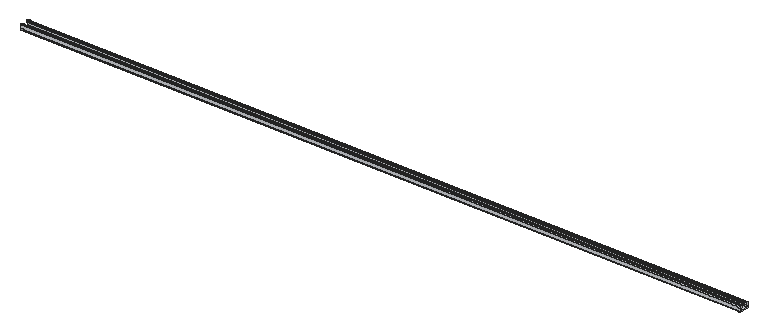
Revit family "P4100 HS", category Specialty Equipment, Revit 2012
Parameters (values of type "P4100 HS")
  ecoScorecard_data = ""
  ecoScorecard Product Page = ""
  Weight Per Foot = 0.87 lbf/ft
  Unit = none
  URL = "http://unistrut.us/index.php"
  Subcategory = "1 5/8\" Channels"
  Product Page URL = "http://unistrut.us/index.php?WP=cat_detail&S=S05&P=P4100hs"
  Part Type = "Channel"  # constant formula
  Part Number = ""
  Overall Width = 1 5/8"  # constant formula
  Overall Height = 13/16"
  Model = "P4100 HS"  # constant formula
  Material = "Multiple Options - See Catalog"
  Manufacturer Toll Free Phone = "800-882-5543"  # constant formula
  Manufacturer Phone = "708-339-1610"  # constant formula
  Manufacturer Fax = "708-339-7814"  # constant formula
  Manufacturer Email = "mailto:jshaw@atkore.com"
  Manufacturer Address = "16100 South Lathrop Avenue, Harvey, IL 60426"  # constant formula
  Manufacturer = "Unistrut by Atkore International"  # constant formula
  Load Capacity Note = "Visit the product page for load application and capacity."  # constant formula
  Literature URL = "http://unistrut.us/index.php?WP=LItLibrary"
  Length [instance] = 120"
  Knockouts Spacing On Center = 1 7/8"
  Knockouts Spacing From End = 15/16"
  Hole Radius = Hole Diameter / 2  # 9/32"
  Hole Diameter = 9/16"  # constant formula
  Gauge Thickness = "14 Gauge (.075”)"  # constant formula
  Description = "P4100 HS Channel"  # constant formula
  Cost Info = "mailto:questions@atkore.com"
  Construction Note = "9⁄16\" Dia. Holes @ 1 7⁄8\" on Center"
  CSI MasterSpec = "http://www.unistrut.us/a_files/TechRef/Unistrut_CSI_05430.pdf"
  CAD URL = "http://unistrut.us/index.php?WP=CAD3d"
  Assembly Code = "D5020100"
  95 CSI = "16070"  # constant formula
  04 CSI = "26 05 48"  # constant formula
Reference planes (in)
  plane 1 "Center (Front/Back)": y = 0
  plane 2: z = 0
  plane 3 "Center (Left/Right)": x = 0
  plane 4: y = 0.8125
  plane 5: y = -0.8125
  plane 6: z = 0.8125
  plane 7: x = -60
  plane 8: x = 60
  plane 9: z = 0.8125
Dimensions and locks (in)
  "Overall Width": plane 4 to plane 5
  equal spacing: plane 4, plane 1 "Center (Front/Back)", plane 5
  "Overall Height": plane 6 to level
  "Length": plane 7 to plane 8
  equal spacing: plane 7, plane 3 "Center (Left/Right)", plane 8
  aligned and locked: level to plane 2
  aligned and locked: plane 1 "Center (Front/Back)" to nested 1
  aligned and locked: plane 3 "Center (Left/Right)" to nested 1
Nested families (in)
  nested 1: "P4100HS" at (0, 0, 0), type "P4100HS"
Definition of nested family "P4100HS"
  Parameters (values of type "P4100HS")
    Width = 1 5/8"
    Unit = none
    Length = 120"
    Knockouts Spacing On Center = 1 7/8"
    Knockouts Spacing From End = 15/16"
    Hole Radius = 9/32"
    Height = 13/16"
    # Of Array = (Length - Knockouts Spacing From End * 2) / Knockouts Spacing On Center  # 63
  Reference planes (in)
    plane 1 "Center (Front/Back)": y = 0
    plane 2: z = 0
    plane 3 "Center (Left/Right)": x = 0
    plane 4: z = 0.8125
    plane 5: x = -60
    plane 6: x = 60
    plane 7: y = 0.8125
    plane 8: y = -0.8125
    plane 9: x = -59.0625
    plane 10: x = -57.1875
    plane 11: z = 0.40625
    plane 12: x = 59.0625
    plane 13: z = 0.105
  Forms (in)
    Sweep 1, solid, material <- "Unit", detail levels fine
      path origin (0, 0, 0) x (1, 0, 0) y (0, 1, 0)
        loop
          line (-60, 0) -> (60, 0)
      profile origin (0, 0, 0) x (0, 1, 0) y (0, 0, 1)
        loop
          arc (0.5375, 0.812) -> (0.46679, 0.78271) -> (0.4375, 0.712) r 0.1
          line (0.4375, 0.712) -> (0.4375, 0.552) -> (0.5125, 0.552) -> (0.5125, 0.712)
          arc (0.5125, 0.712) -> (0.51982, 0.72968) -> (0.5375, 0.737) r 0.025
          line (0.5375, 0.737) -> (0.6565, 0.737)
          arc (0.6565, 0.737) -> (0.71378, 0.71328) -> (0.7375, 0.656) r 0.081
          line (0.7375, 0.656) -> (0.7375, 0.10625)
          arc (0.7375, 0.10625) -> (0.72835, 0.08415) -> (0.70625, 0.075) r 0.03125
          line (0.70625, 0.075) -> (-0.70625, 0.075)
          arc (-0.70625, 0.075) -> (-0.72835, 0.08415) -> (-0.7375, 0.10625) r 0.03125
          line (-0.7375, 0.10625) -> (-0.7375, 0.656)
          arc (-0.7375, 0.656) -> (-0.71378, 0.71328) -> (-0.6565, 0.737) r 0.081
          line (-0.6565, 0.737) -> (-0.5375, 0.737)
          arc (-0.5375, 0.737) -> (-0.51982, 0.72968) -> (-0.5125, 0.712) r 0.025
          line (-0.5125, 0.712) -> (-0.5125, 0.552) -> (-0.4375, 0.552) -> (-0.4375, 0.712)
          arc (-0.4375, 0.712) -> (-0.46679, 0.78271) -> (-0.5375, 0.812) r 0.1
          line (-0.5375, 0.812) -> (-0.6565, 0.812)
          arc (-0.6565, 0.812) -> (-0.76681, 0.76631) -> (-0.8125, 0.656) r 0.156
          line (-0.8125, 0.656) -> (-0.8125, 0.10625)
          arc (-0.8125, 0.10625) -> (-0.78138, 0.03112) -> (-0.70625, 0) r 0.10625
          line (-0.70625, 0) -> (0.70625, 0)
          arc (0.70625, 0) -> (0.78138, 0.03112) -> (0.8125, 0.10625) r 0.10625
          line (0.8125, 0.10625) -> (0.8125, 0.656)
          arc (0.8125, 0.656) -> (0.76681, 0.76631) -> (0.6565, 0.812) r 0.156
          line (0.6565, 0.812) -> (0.5375, 0.812)
    Extrusion 2, void
      sketch origin (-48, 0, 0) x (1, 0, 0) y (0, 1, 0)
        loop
          circle (-9.1875, 0) r 0.2815
      from 0 to 0.105
    Extrusion 3, void
      sketch origin (-49.875, 0, 0) x (1, 0, 0) y (0, 1, 0)
        loop
          circle (-9.1875, 0) r 0.2815
      from 0 to 0.105
    Extrusion 4, void
      sketch origin (-46.125, 0, 0) x (1, 0, 0) y (0, 1, 0)
        loop
          circle (-9.1875, 0) r 0.2815
      from 0 to 0.105
    Extrusion 5, void
      sketch origin (-44.25, 0, 0) x (1, 0, 0) y (0, 1, 0)
        loop
          circle (-9.1875, 0) r 0.2815
      from 0 to 0.105
    Extrusion 6, void
      sketch origin (-42.375, 0, 0) x (1, 0, 0) y (0, 1, 0)
        loop
          circle (-9.1875, 0) r 0.2815
      from 0 to 0.105
    Extrusion 7, void
      sketch origin (-40.5, 0, 0) x (1, 0, 0) y (0, 1, 0)
        loop
          circle (-9.1875, 0) r 0.2815
      from 0 to 0.105
    Extrusion 8, void
      sketch origin (-38.625, 0, 0) x (1, 0, 0) y (0, 1, 0)
        loop
          circle (-9.1875, 0) r 0.2815
      from 0 to 0.105
    Extrusion 9, void
      sketch origin (-36.75, 0, 0) x (1, 0, 0) y (0, 1, 0)
        loop
          circle (-9.1875, 0) r 0.2815
      from 0 to 0.105
    Extrusion 10, void
      sketch origin (-34.875, 0, 0) x (1, 0, 0) y (0, 1, 0)
        loop
          circle (-9.1875, 0) r 0.2815
      from 0 to 0.105
    Extrusion 11, void
      sketch origin (-33, 0, 0) x (1, 0, 0) y (0, 1, 0)
        loop
          circle (-9.1875, 0) r 0.2815
      from 0 to 0.105
    Extrusion 12, void
      sketch origin (-31.125, 0, 0) x (1, 0, 0) y (0, 1, 0)
        loop
          circle (-9.1875, 0) r 0.2815
      from 0 to 0.105
    Extrusion 13, void
      sketch origin (-29.25, 0, 0) x (1, 0, 0) y (0, 1, 0)
        loop
          circle (-9.1875, 0) r 0.2815
      from 0 to 0.105
    Extrusion 14, void
      sketch origin (0, 0, 0) x (1, 0, 0) y (0, 1, 0)
        loop
          circle (59.0625, 0) r 0.2815
      from 0 to 0.105
    Extrusion 15, void
      sketch origin (-27.375, 0, 0) x (1, 0, 0) y (0, 1, 0)
        loop
          circle (-9.1875, 0) r 0.2815
      from 0 to 0.105
    Extrusion 16, void
      sketch origin (-25.5, 0, 0) x (1, 0, 0) y (0, 1, 0)
        loop
          circle (-9.1875, 0) r 0.2815
      from 0 to 0.105
    Extrusion 17, void
      sketch origin (-23.625, 0, 0) x (1, 0, 0) y (0, 1, 0)
        loop
          circle (-9.1875, 0) r 0.2815
      from 0 to 0.105
    Extrusion 18, void
      sketch origin (-21.75, 0, 0) x (1, 0, 0) y (0, 1, 0)
        loop
          circle (-9.1875, 0) r 0.2815
      from 0 to 0.105
    Extrusion 19, void
      sketch origin (-19.875, 0, 0) x (1, 0, 0) y (0, 1, 0)
        loop
          circle (-9.1875, 0) r 0.2815
      from 0 to 0.105
    Extrusion 20, void
      sketch origin (-18, 0, 0) x (1, 0, 0) y (0, 1, 0)
        loop
          circle (-9.1875, 0) r 0.2815
      from 0 to 0.105
    Extrusion 21, void
      sketch origin (-16.125, 0, 0) x (1, 0, 0) y (0, 1, 0)
        loop
          circle (-9.1875, 0) r 0.2815
      from 0 to 0.105
    Extrusion 22, void
      sketch origin (-14.25, 0, 0) x (1, 0, 0) y (0, 1, 0)
        loop
          circle (-9.1875, 0) r 0.2815
      from 0 to 0.105
    Extrusion 23, void
      sketch origin (-12.375, 0, 0) x (1, 0, 0) y (0, 1, 0)
        loop
          circle (-9.1875, 0) r 0.2815
      from 0 to 0.105
    Extrusion 24, void
      sketch origin (-10.5, 0, 0) x (1, 0, 0) y (0, 1, 0)
        loop
          circle (-9.1875, 0) r 0.2815
      from 0 to 0.105
    Extrusion 25, void
      sketch origin (-8.625, 0, 0) x (1, 0, 0) y (0, 1, 0)
        loop
          circle (-9.1875, 0) r 0.2815
      from 0 to 0.105
    Extrusion 26, void
      sketch origin (-6.75, 0, 0) x (1, 0, 0) y (0, 1, 0)
        loop
          circle (-9.1875, 0) r 0.2815
      from 0 to 0.105
    Extrusion 27, void
      sketch origin (-4.875, 0, 0) x (1, 0, 0) y (0, 1, 0)
        loop
          circle (-9.1875, 0) r 0.2815
      from 0 to 0.105
    Extrusion 28, void
      sketch origin (-3, 0, 0) x (1, 0, 0) y (0, 1, 0)
        loop
          circle (-9.1875, 0) r 0.2815
      from 0 to 0.105
    Extrusion 29, void
      sketch origin (-1.125, 0, 0) x (1, 0, 0) y (0, 1, 0)
        loop
          circle (-9.1875, 0) r 0.2815
      from 0 to 0.105
    Extrusion 30, void
      sketch origin (0.75, 0, 0) x (1, 0, 0) y (0, 1, 0)
        loop
          circle (-9.1875, 0) r 0.2815
      from 0 to 0.105
    Extrusion 31, void
      sketch origin (2.625, 0, 0) x (1, 0, 0) y (0, 1, 0)
        loop
          circle (-9.1875, 0) r 0.2815
      from 0 to 0.105
    Extrusion 32, void
      sketch origin (4.5, 0, 0) x (1, 0, 0) y (0, 1, 0)
        loop
          circle (-9.1875, 0) r 0.2815
      from 0 to 0.105
    Extrusion 33, void
      sketch origin (6.375, 0, 0) x (1, 0, 0) y (0, 1, 0)
        loop
          circle (-9.1875, 0) r 0.2815
      from 0 to 0.105
    Extrusion 34, void
      sketch origin (8.25, 0, 0) x (1, 0, 0) y (0, 1, 0)
        loop
          circle (-9.1875, 0) r 0.2815
      from 0 to 0.105
    Extrusion 35, void
      sketch origin (10.125, 0, 0) x (1, 0, 0) y (0, 1, 0)
        loop
          circle (-9.1875, 0) r 0.2815
      from 0 to 0.105
    Extrusion 36, void
      sketch origin (12, 0, 0) x (1, 0, 0) y (0, 1, 0)
        loop
          circle (-9.1875, 0) r 0.2815
      from 0 to 0.105
    Extrusion 37, void
      sketch origin (13.875, 0, 0) x (1, 0, 0) y (0, 1, 0)
        loop
          circle (-9.1875, 0) r 0.2815
      from 0 to 0.105
    Extrusion 38, void
      sketch origin (15.75, 0, 0) x (1, 0, 0) y (0, 1, 0)
        loop
          circle (-9.1875, 0) r 0.2815
      from 0 to 0.105
    Extrusion 39, void
      sketch origin (17.625, 0, 0) x (1, 0, 0) y (0, 1, 0)
        loop
          circle (-9.1875, 0) r 0.2815
      from 0 to 0.105
    Extrusion 40, void
      sketch origin (19.5, 0, 0) x (1, 0, 0) y (0, 1, 0)
        loop
          circle (-9.1875, 0) r 0.2815
      from 0 to 0.105
    Extrusion 41, void
      sketch origin (21.375, 0, 0) x (1, 0, 0) y (0, 1, 0)
        loop
          circle (-9.1875, 0) r 0.2815
      from 0 to 0.105
    Extrusion 42, void
      sketch origin (23.25, 0, 0) x (1, 0, 0) y (0, 1, 0)
        loop
          circle (-9.1875, 0) r 0.2815
      from 0 to 0.105
    Extrusion 43, void
      sketch origin (25.125, 0, 0) x (1, 0, 0) y (0, 1, 0)
        loop
          circle (-9.1875, 0) r 0.2815
      from 0 to 0.105
    Extrusion 44, void
      sketch origin (27, 0, 0) x (1, 0, 0) y (0, 1, 0)
        loop
          circle (-9.1875, 0) r 0.2815
      from 0 to 0.105
    Extrusion 45, void
      sketch origin (28.875, 0, 0) x (1, 0, 0) y (0, 1, 0)
        loop
          circle (-9.1875, 0) r 0.2815
      from 0 to 0.105
    Extrusion 46, void
      sketch origin (30.75, 0, 0) x (1, 0, 0) y (0, 1, 0)
        loop
          circle (-9.1875, 0) r 0.2815
      from 0 to 0.105
    Extrusion 47, void
      sketch origin (32.625, 0, 0) x (1, 0, 0) y (0, 1, 0)
        loop
          circle (-9.1875, 0) r 0.2815
      from 0 to 0.105
    Extrusion 48, void
      sketch origin (34.5, 0, 0) x (1, 0, 0) y (0, 1, 0)
        loop
          circle (-9.1875, 0) r 0.2815
      from 0 to 0.105
    Extrusion 49, void
      sketch origin (36.375, 0, 0) x (1, 0, 0) y (0, 1, 0)
        loop
          circle (-9.1875, 0) r 0.2815
      from 0 to 0.105
    Extrusion 50, void
      sketch origin (38.25, 0, 0) x (1, 0, 0) y (0, 1, 0)
        loop
          circle (-9.1875, 0) r 0.2815
      from 0 to 0.105
    Extrusion 51, void
      sketch origin (40.125, 0, 0) x (1, 0, 0) y (0, 1, 0)
        loop
          circle (-9.1875, 0) r 0.2815
      from 0 to 0.105
    Extrusion 52, void
      sketch origin (42, 0, 0) x (1, 0, 0) y (0, 1, 0)
        loop
          circle (-9.1875, 0) r 0.2815
      from 0 to 0.105
    Extrusion 53, void
      sketch origin (43.875, 0, 0) x (1, 0, 0) y (0, 1, 0)
        loop
          circle (-9.1875, 0) r 0.2815
      from 0 to 0.105
    Extrusion 54, void
      sketch origin (45.75, 0, 0) x (1, 0, 0) y (0, 1, 0)
        loop
          circle (-9.1875, 0) r 0.2815
      from 0 to 0.105
    Extrusion 55, void
      sketch origin (47.625, 0, 0) x (1, 0, 0) y (0, 1, 0)
        loop
          circle (-9.1875, 0) r 0.2815
      from 0 to 0.105
    Extrusion 56, void
      sketch origin (49.5, 0, 0) x (1, 0, 0) y (0, 1, 0)
        loop
          circle (-9.1875, 0) r 0.2815
      from 0 to 0.105
    Extrusion 57, void
      sketch origin (51.375, 0, 0) x (1, 0, 0) y (0, 1, 0)
        loop
          circle (-9.1875, 0) r 0.2815
      from 0 to 0.105
    Extrusion 58, void
      sketch origin (53.25, 0, 0) x (1, 0, 0) y (0, 1, 0)
        loop
          circle (-9.1875, 0) r 0.2815
      from 0 to 0.105
    Extrusion 59, void
      sketch origin (55.125, 0, 0) x (1, 0, 0) y (0, 1, 0)
        loop
          circle (-9.1875, 0) r 0.2815
      from 0 to 0.105
    Extrusion 60, void
      sketch origin (57, 0, 0) x (1, 0, 0) y (0, 1, 0)
        loop
          circle (-9.1875, 0) r 0.2815
      from 0 to 0.105
    Extrusion 61, void
      sketch origin (58.875, 0, 0) x (1, 0, 0) y (0, 1, 0)
        loop
          circle (-9.1875, 0) r 0.2815
      from 0 to 0.105
    Extrusion 62, void
      sketch origin (60.75, 0, 0) x (1, 0, 0) y (0, 1, 0)
        loop
          circle (-9.1875, 0) r 0.2815
      from 0 to 0.105
    Extrusion 63, void
      sketch origin (62.625, 0, 0) x (1, 0, 0) y (0, 1, 0)
        loop
          circle (-9.1875, 0) r 0.2815
      from 0 to 0.105
    Extrusion 64, void
      sketch origin (64.5, 0, 0) x (1, 0, 0) y (0, 1, 0)
        loop
          circle (-9.1875, 0) r 0.2815
      from 0 to 0.105
    Extrusion 65, void
      sketch origin (66.375, 0, 0) x (1, 0, 0) y (0, 1, 0)
        loop
          circle (-9.1875, 0) r 0.2815
      from 0 to 0.105
  Cuts and joins
    Extrusion 2, Extrusion 3, Extrusion 4, Extrusion 5, Extrusion 6, Extrusion 7, Extrusion 8, Extrusion 9, Extrusion 10, Extrusion 11, Extrusion 12, Extrusion 13, Extrusion 14, Extrusion 15, Extrusion 16, Extrusion 17, Extrusion 18, Extrusion 19, Extrusion 20, Extrusion 21, Extrusion 22, Extrusion 23, Extrusion 24, Extrusion 25, Extrusion 26, Extrusion 27, Extrusion 28, Extrusion 29, Extrusion 30, Extrusion 31, Extrusion 32, Extrusion 33, Extrusion 34, Extrusion 35, Extrusion 36, Extrusion 37, Extrusion 38, Extrusion 39, Extrusion 40, Extrusion 41, Extrusion 42, Extrusion 43, Extrusion 44, Extrusion 45, Extrusion 46, Extrusion 47, Extrusion 48, Extrusion 49, Extrusion 50, Extrusion 51, Extrusion 52, Extrusion 53, Extrusion 54, Extrusion 55, Extrusion 56, Extrusion 57, Extrusion 58, Extrusion 59, Extrusion 60, Extrusion 61, Extrusion 62, Extrusion 63, Extrusion 64, Extrusion 65 cuts Sweep 1
  Lines and regions (in)
    symbolic lines, style "Channel"
      curve 1: line (-60, 0.8125, 0) -> (60, 0.8125, 0)
      curve 2: line (-60, -0.8125, 0) -> (-60, 0.8125, 0)
      curve 3: line (60, -0.8125, 0) -> (-60, -0.8125, 0)
      curve 4: line (60, 0.8125, 0) -> (60, -0.8125, 0)
    symbolic lines, style "Channel", detail levels fine
      curve 5: line (-60, 0.43915, 0) -> (60, 0.43915, 0)
      curve 6: line (-60, -0.4375, 0) -> (60, -0.4375, 0)
  Dimensions and locks (in)
    equal spacing: plane 8, plane 1 "Center (Front/Back)", plane 7
    equal spacing: plane 5, plane 3 "Center (Left/Right)", plane 6
    "Length": plane 5 to plane 6
    "Knockouts Spacing From End": plane 5 to plane 9
    "Knockouts Spacing On Center": plane 9 to plane 10
    locked: plane 12 to plane 6 at 0.9375
    equal spacing: group 1, group 2, group 3, group 4, group 5, group 6, group 7, group 8, group 9, group 10, group 11, group 12, group 13, group 14, group 15, group 16, group 17, group 18, group 19, group 20, group 21, group 22, group 23, group 24, group 25, group 26, group 27, group 28, group 29, group 30, group 31, group 32, group 33, group 34, group 35, group 36, group 37, group 38, group 39, group 40, group 41, group 42, group 43, group 44, group 45, group 46, group 47, group 48, group 49, group 50, group 51, group 52, group 53, group 54, group 55, group 56, group 57, group 58, group 59, group 60, group 61, group 62, group 63  (x3)
    "Height": plane 4 to level
    aligned and locked: level to plane 2
    aligned and locked: plane 5 to Sweep 1 sketch curve
    aligned and locked: plane 6 to Sweep 1 sketch curve
    aligned and locked: plane 1 "Center (Front/Back)" to Sweep 1 sketch curve
    aligned and locked: curve 4 to Sweep 1
    aligned and locked: plane 6 to curve 5
    aligned and locked: plane 9 to nested 1
    aligned and locked: plane 1 "Center (Front/Back)" to nested 1
    aligned and locked: plane 1 "Center (Front/Back)" to nested 2
    aligned and locked: plane 10 to nested 2
    aligned and locked: plane 1 "Center (Front/Back)" to nested 13
    aligned and locked: plane 12 to nested 13
    aligned and locked: plane 3 "Center (Left/Right)" to nested 14
    aligned and locked: plane 1 "Center (Front/Back)" to nested 14
  Automatic sketch dimensions
    curve 6 to plane 5 = 0"
    curve 6 to plane 8 = 3/8"
    curve 5 to curve 1 = 0.37335"
    Extrusion 14 sketch curve to Extrusion 14 sketch curve = 0"  (x2)
    plane 1 "Center (Front/Back)" to Extrusion 14 sketch curve = 0"
    Extrusion 14 sketch curve to plane 12 = 0"
    Extrusion 14 sketch curve to Extrusion 14 sketch curve = 0.2815"
    Sweep 1 sketch curve to Sweep 1 sketch curve = 0"  (x12)
    Sweep 1 sketch curve to level = 0"
    profile plane to Sweep 1 sketch curve = 13/16"
    Sweep 1 sketch curve to Sweep 1 sketch curve = 0.075"
    Sweep 1 sketch curve to Sweep 1 sketch curve = 1/32"
    Sweep 1 sketch curve to Sweep 1 sketch curve = 0.081"
    Sweep 1 sketch curve to Sweep 1 sketch curve = 0.119"  (x2)
    Sweep 1 sketch curve to Sweep 1 sketch curve = 0.025"  (x2)
    Sweep 1 sketch curve to profile plane = 7/16"
    level to Sweep 1 sketch curve = 0.10625"
    Sweep 1 sketch curve to Sweep 1 sketch curve = 0.19375"
    Sweep 1 sketch curve to Sweep 1 sketch curve = 0.44575"  (x2)
    Sweep 1 sketch curve to Sweep 1 sketch curve = 0.104"  (x2)
    plane 8 to curve 4 = 0"
    curve 1 to plane 7 = 0"
    radius of Extrusion 13 sketch curve = 0.2815"
    radius of Extrusion 3 sketch curve = 0.2815"
    radius of Extrusion 2 sketch curve = 0.2815"
    radius of Extrusion 4 sketch curve = 0.2815"
    radius of Extrusion 5 sketch curve = 0.2815"
    radius of Extrusion 6 sketch curve = 0.2815"
    radius of Extrusion 7 sketch curve = 0.2815"
    radius of Extrusion 8 sketch curve = 0.2815"
    radius of Extrusion 9 sketch curve = 0.2815"
    radius of Extrusion 10 sketch curve = 0.2815"
    radius of Extrusion 11 sketch curve = 0.2815"
    radius of Extrusion 12 sketch curve = 0.2815"
    radius of Extrusion 15 sketch curve = 0.2815"
    radius of Extrusion 16 sketch curve = 0.2815"
    radius of Extrusion 17 sketch curve = 0.2815"
    radius of Extrusion 18 sketch curve = 0.2815"
    radius of Extrusion 19 sketch curve = 0.2815"
    radius of Extrusion 20 sketch curve = 0.2815"
    radius of Extrusion 21 sketch curve = 0.2815"
    radius of Extrusion 22 sketch curve = 0.2815"
    radius of Extrusion 23 sketch curve = 0.2815"
    radius of Extrusion 24 sketch curve = 0.2815"
    radius of Extrusion 25 sketch curve = 0.2815"
    radius of Extrusion 26 sketch curve = 0.2815"
    radius of Extrusion 27 sketch curve = 0.2815"
    radius of Extrusion 28 sketch curve = 0.2815"
    radius of Extrusion 29 sketch curve = 0.2815"
    radius of Extrusion 30 sketch curve = 0.2815"
    radius of Extrusion 31 sketch curve = 0.2815"
    radius of Extrusion 32 sketch curve = 0.2815"
    radius of Extrusion 33 sketch curve = 0.2815"
    radius of Extrusion 34 sketch curve = 0.2815"
    radius of Extrusion 35 sketch curve = 0.2815"
    radius of Extrusion 36 sketch curve = 0.2815"
    radius of Extrusion 37 sketch curve = 0.2815"
    radius of Extrusion 38 sketch curve = 0.2815"
    radius of Extrusion 39 sketch curve = 0.2815"
    radius of Extrusion 40 sketch curve = 0.2815"
    radius of Extrusion 41 sketch curve = 0.2815"
    radius of Extrusion 42 sketch curve = 0.2815"
    radius of Extrusion 43 sketch curve = 0.2815"
    radius of Extrusion 44 sketch curve = 0.2815"
    radius of Extrusion 45 sketch curve = 0.2815"
    radius of Extrusion 46 sketch curve = 0.2815"
    radius of Extrusion 47 sketch curve = 0.2815"
    radius of Extrusion 48 sketch curve = 0.2815"
    radius of Extrusion 49 sketch curve = 0.2815"
    radius of Extrusion 50 sketch curve = 0.2815"
    radius of Extrusion 51 sketch curve = 0.2815"
    radius of Extrusion 52 sketch curve = 0.2815"
    radius of Extrusion 53 sketch curve = 0.2815"
    radius of Extrusion 54 sketch curve = 0.2815"
    radius of Extrusion 55 sketch curve = 0.2815"
    radius of Extrusion 56 sketch curve = 0.2815"
    radius of Extrusion 57 sketch curve = 0.2815"
    radius of Extrusion 58 sketch curve = 0.2815"
    radius of Extrusion 59 sketch curve = 0.2815"
    radius of Extrusion 60 sketch curve = 0.2815"
    radius of Extrusion 61 sketch curve = 0.2815"
    radius of Extrusion 62 sketch curve = 0.2815"
    radius of Extrusion 63 sketch curve = 0.2815"
    radius of Extrusion 64 sketch curve = 0.2815"
    radius of Extrusion 65 sketch curve = 0.2815"
  Nested families (in)
    nested 1: "Family1" at (-59.0625, 0, 0.105), type "Family1", detail levels fine
    nested 2: "Family1" at (-57.1875, 0, 0.105), type "Family1", detail levels fine
    nested 3: "Family1" at (-55.3125, 0, 0.105), type "Family1", detail levels fine
    nested 4: "Family1" at (-53.4375, 0, 0.105), type "Family1", detail levels fine
    nested 5: "Family1" at (-51.5625, 0, 0.105), type "Family1", detail levels fine
    nested 6: "Family1" at (-49.6875, 0, 0.105), type "Family1", detail levels fine
    nested 7: "Family1" at (-47.8125, 0, 0.105), type "Family1", detail levels fine
    nested 8: "Family1" at (-45.9375, 0, 0.105), type "Family1", detail levels fine
    nested 9: "Family1" at (-44.0625, 0, 0.105), type "Family1", detail levels fine
    nested 10: "Family1" at (-42.1875, 0, 0.105), type "Family1", detail levels fine
    nested 11: "Family1" at (-40.3125, 0, 0.105), type "Family1", detail levels fine
    nested 12: "Family1" at (-38.4375, 0, 0.105), type "Family1", detail levels fine
    nested 13: "Family1" at (59.0625, 0, 0.105), type "Family1", detail levels fine
    nested 14: "HS Coarse" at (0, 0, 0), type "HS Coarse", detail levels coarse+medium
    nested 15: "Family1" at (-36.5625, 0, 0.105), type "Family1", detail levels fine
    nested 16: "Family1" at (-34.6875, 0, 0.105), type "Family1", detail levels fine
    nested 17: "Family1" at (-32.8125, 0, 0.105), type "Family1", detail levels fine
    nested 18: "Family1" at (-30.9375, 0, 0.105), type "Family1", detail levels fine
    nested 19: "Family1" at (-29.0625, 0, 0.105), type "Family1", detail levels fine
    nested 20: "Family1" at (-27.1875, 0, 0.105), type "Family1", detail levels fine
    nested 21: "Family1" at (-25.3125, 0, 0.105), type "Family1", detail levels fine
    nested 22: "Family1" at (-23.4375, 0, 0.105), type "Family1", detail levels fine
    nested 23: "Family1" at (-21.5625, 0, 0.105), type "Family1", detail levels fine
    nested 24: "Family1" at (-19.6875, 0, 0.105), type "Family1", detail levels fine
    nested 25: "Family1" at (-17.8125, 0, 0.105), type "Family1", detail levels fine
    nested 26: "Family1" at (-15.9375, 0, 0.105), type "Family1", detail levels fine
    nested 27: "Family1" at (-14.0625, 0, 0.105), type "Family1", detail levels fine
    nested 28: "Family1" at (-12.1875, 0, 0.105), type "Family1", detail levels fine
    nested 29: "Family1" at (-10.3125, 0, 0.105), type "Family1", detail levels fine
    nested 30: "Family1" at (-8.4375, 0, 0.105), type "Family1", detail levels fine
    nested 31: "Family1" at (-6.5625, 0, 0.105), type "Family1", detail levels fine
    nested 32: "Family1" at (-4.6875, 0, 0.105), type "Family1", detail levels fine
    nested 33: "Family1" at (-2.8125, 0, 0.105), type "Family1", detail levels fine
    nested 34: "Family1" at (-0.9375, 0, 0.105), type "Family1", detail levels fine
    nested 35: "Family1" at (0.9375, 0, 0.105), type "Family1", detail levels fine
    nested 36: "Family1" at (2.8125, 0, 0.105), type "Family1", detail levels fine
    nested 37: "Family1" at (4.6875, 0, 0.105), type "Family1", detail levels fine
    nested 38: "Family1" at (6.5625, 0, 0.105), type "Family1", detail levels fine
    nested 39: "Family1" at (8.4375, 0, 0.105), type "Family1", detail levels fine
    nested 40: "Family1" at (10.3125, 0, 0.105), type "Family1", detail levels fine
    nested 41: "Family1" at (12.1875, 0, 0.105), type "Family1", detail levels fine
    nested 42: "Family1" at (14.0625, 0, 0.105), type "Family1", detail levels fine
    nested 43: "Family1" at (15.9375, 0, 0.105), type "Family1", detail levels fine
    nested 44: "Family1" at (17.8125, 0, 0.105), type "Family1", detail levels fine
    nested 45: "Family1" at (19.6875, 0, 0.105), type "Family1", detail levels fine
    nested 46: "Family1" at (21.5625, 0, 0.105), type "Family1", detail levels fine
    nested 47: "Family1" at (23.4375, 0, 0.105), type "Family1", detail levels fine
    nested 48: "Family1" at (25.3125, 0, 0.105), type "Family1", detail levels fine
    nested 49: "Family1" at (27.1875, 0, 0.105), type "Family1", detail levels fine
    nested 50: "Family1" at (29.0625, 0, 0.105), type "Family1", detail levels fine
    nested 51: "Family1" at (30.9375, 0, 0.105), type "Family1", detail levels fine
    nested 52: "Family1" at (32.8125, 0, 0.105), type "Family1", detail levels fine
    nested 53: "Family1" at (34.6875, 0, 0.105), type "Family1", detail levels fine
    nested 54: "Family1" at (36.5625, 0, 0.105), type "Family1", detail levels fine
    nested 55: "Family1" at (38.4375, 0, 0.105), type "Family1", detail levels fine
    nested 56: "Family1" at (40.3125, 0, 0.105), type "Family1", detail levels fine
    nested 57: "Family1" at (42.1875, 0, 0.105), type "Family1", detail levels fine
    nested 58: "Family1" at (44.0625, 0, 0.105), type "Family1", detail levels fine
    nested 59: "Family1" at (45.9375, 0, 0.105), type "Family1", detail levels fine
    nested 60: "Family1" at (47.8125, 0, 0.105), type "Family1", detail levels fine
    nested 61: "Family1" at (49.6875, 0, 0.105), type "Family1", detail levels fine
    nested 62: "Family1" at (51.5625, 0, 0.105), type "Family1", detail levels fine
    nested 63: "Family1" at (53.4375, 0, 0.105), type "Family1", detail levels fine
    nested 64: "Family1" at (55.3125, 0, 0.105), type "Family1", detail levels fine
    nested 65: "Family1" at (57.1875, 0, 0.105), type "Family1", detail levels fine
  Definition of nested family "HS Coarse"
    Parameters (values of type "HS Coarse")
      Width = 1 5/8"
      Unit = none
      Length = 120"
      Hole Radius = 0.2815"
      Height = 13/16"
    Reference planes (in)
      plane 1 "Center (Front/Back)": y = 0
      plane 2: z = 0
      plane 3 "Center (Left/Right)": x = 0
      plane 4: x = -60
      plane 5: x = 60
      plane 6: y = 0.8125
      plane 7: y = -0.8125
      plane 8: x = -59.125
      plane 9: x = -57.25
      plane 10: z = 0.8125
    Forms (in)
      Sweep 1, solid, material <- "Unit"
        path origin (0, 0, 0) x (1, 0, 0) y (0, 1, 0)
          loop
            line (-60, 0) -> (60, 0)
        profile origin (0, 0, 0) x (0, 1, 0) y (0, 0, 1)
          loop
            line (-0.8125, 0.8125) -> (-0.8125, 0) -> (0.8125, 0) -> (0.8125, 0.8125) -> (-0.8125, 0.8125)
    Dimensions and locks (in)
      equal spacing: plane 7, plane 1 "Center (Front/Back)", plane 6
      equal spacing: plane 4, plane 3 "Center (Left/Right)", plane 5
      "Length": plane 4 to plane 5
      plane 4 to plane 8 = 7/8"
      plane 8 to plane 9 = 1 7/8"
      "Height": plane 10 to level
      aligned and locked: level to plane 2
      aligned and locked: plane 5 to Sweep 1 sketch curve
      aligned and locked: plane 4 to Sweep 1 sketch curve
      aligned and locked: plane 1 "Center (Front/Back)" to Sweep 1 sketch curve
      aligned and locked: Sweep 1 sketch curve to plane 10
    Automatic sketch dimensions
      Sweep 1 sketch curve to level = 0"
      profile plane to Sweep 1 sketch curve = 13/16"
      Sweep 1 sketch curve to profile plane = 13/16"
  Definition of nested family "Family1"
    Parameters (values of type "Family1")
      Hole Radius = Hole Dia / 2  # 0.2815"
      Hole Dia = 0.56299"
      Default Elevation = 48"
    Reference planes (in)
      plane 1 "Center (Front/Back)": y = 0
      plane 2: z = 0
      plane 3 "Center (Left/Right)": x = 0
    Lines and regions (in)
      model lines, style "Channel"
        curve 1: circle (0, 0, 0) r 0.2815 normal (0, 0, 1)
    Dimensions and locks (in)
      "Hole Radius": radius of curve 1
      aligned and locked: level to plane 2
      aligned and locked: plane 3 "Center (Left/Right)" to curve 1
      aligned and locked: plane 1 "Center (Front/Back)" to curve 1
